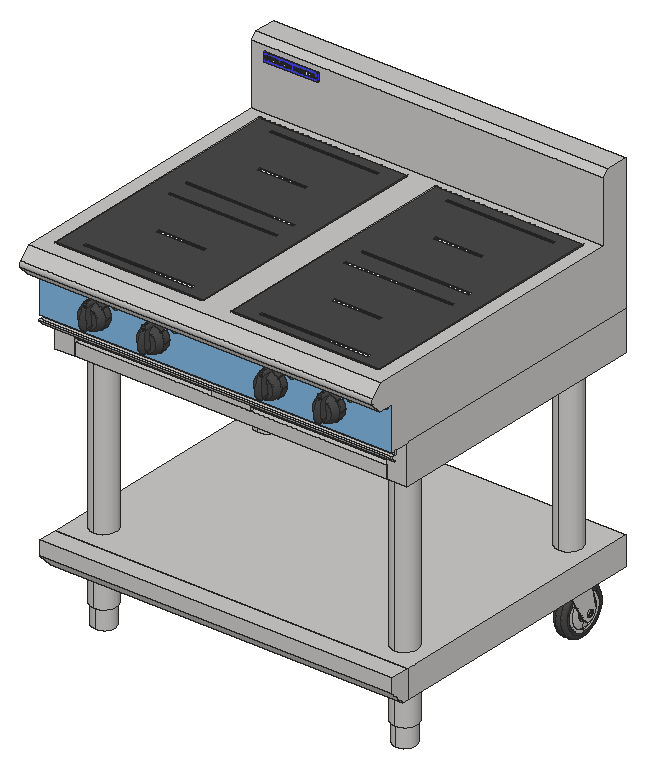
Revit family "QF_Moffat_IN514R3-LS_Induction_Cooktop_cat", category Specialty Equipment, Revit 2019 (continued)
Definition of nested family "QF_LOGO_BLue Seal"
  Automatic sketch dimensions
    Extrusion 2 sketch curve to Extrusion 2 sketch curve = 1.688 mm
    Extrusion 2 sketch curve to plane 7 "Center Y" = 3.94 mm
    plane 7 "Center Y" to Extrusion 2 sketch curve = 0.777 mm
    plane 7 "Center Y" to Extrusion 2 sketch curve = 0.845 mm
    plane 7 "Center Y" to Extrusion 2 sketch curve = 0.988 mm
    Extrusion 2 sketch curve to Extrusion 2 sketch curve = 7.327 mm
    Extrusion 2 sketch curve to Extrusion 2 sketch curve = 4.556 mm
    Extrusion 2 sketch curve to Extrusion 2 sketch curve = 3.087 mm
    Extrusion 2 sketch curve to Extrusion 2 sketch curve = 4.657 mm  (x2)
    Extrusion 2 sketch curve to Extrusion 2 sketch curve = 0.004 mm
    Extrusion 2 sketch curve to Extrusion 2 sketch curve = 0.996 mm
    Extrusion 2 sketch curve to Extrusion 2 sketch curve = 1.402 mm
    Extrusion 2 sketch curve to Extrusion 2 sketch curve = 5.025 mm
    Extrusion 2 sketch curve to Extrusion 2 sketch curve = 4.717 mm
    Extrusion 2 sketch curve to Extrusion 2 sketch curve = 4.785 mm
    Extrusion 2 sketch curve to Extrusion 2 sketch curve = 0.211 mm
    Extrusion 2 sketch curve to Extrusion 2 sketch curve = 2.578 mm
    Extrusion 2 sketch curve to Extrusion 2 sketch curve = 3.936 mm
    Extrusion 2 sketch curve to Extrusion 2 sketch curve = 0.5 mm  (x2)
    Extrusion 2 sketch curve to Extrusion 2 sketch curve = 1.76 mm
    Extrusion 2 sketch curve to Extrusion 2 sketch curve = 2.76 mm
    Extrusion 2 sketch curve to Extrusion 2 sketch curve = 3.875 mm
    Extrusion 2 sketch curve to Extrusion 2 sketch curve = 4.875 mm
    Extrusion 2 sketch curve to Extrusion 2 sketch curve = 1.717 mm
    level to Extrusion 2 sketch curve = 7.169 mm  (x6)
    level to Extrusion 2 sketch curve = 7.227 mm
    Extrusion 2 sketch curve to Extrusion 2 sketch curve = 0.003 mm
    Extrusion 2 sketch curve to Extrusion 2 sketch curve = 0.983 mm  (x2)
    Extrusion 2 sketch curve to Extrusion 2 sketch curve = 1.01 mm  (x2)
    Extrusion 2 sketch curve to Extrusion 2 sketch curve = 1.376 mm
    Extrusion 2 sketch curve to Extrusion 2 sketch curve = 0.588 mm
    Extrusion 2 sketch curve to Extrusion 2 sketch curve = 0.966 mm
    Extrusion 2 sketch curve to Extrusion 2 sketch curve = 2.037 mm  (x2)
    Extrusion 2 sketch curve to Extrusion 2 sketch curve = 0.772 mm  (x2)
    Extrusion 2 sketch curve to Extrusion 2 sketch curve = 1.539 mm
    Extrusion 2 sketch curve to Extrusion 2 sketch curve = 0.961 mm
    Extrusion 2 sketch curve to Extrusion 2 sketch curve = 1.28 mm  (x2)
    Extrusion 2 sketch curve to Extrusion 2 sketch curve = 1.878 mm
    Extrusion 2 sketch curve to Extrusion 2 sketch curve = 2.905 mm
    Extrusion 2 sketch curve to Extrusion 2 sketch curve = 3.969 mm
    Extrusion 2 sketch curve to Extrusion 2 sketch curve = 0.84 mm  (x2)
    Extrusion 2 sketch curve to Extrusion 2 sketch curve = 2.448 mm
    Extrusion 2 sketch curve to Extrusion 2 sketch curve = 2.202 mm
    Extrusion 2 sketch curve to Extrusion 2 sketch curve = 2.222 mm
    Extrusion 2 sketch curve to Extrusion 2 sketch curve = 1.332 mm
    Extrusion 2 sketch curve to Extrusion 2 sketch curve = 1.12 mm  (x2)
    Extrusion 2 sketch curve to Extrusion 2 sketch curve = 0.929 mm
    Extrusion 2 sketch curve to Extrusion 2 sketch curve = 1.051 mm  (x2)
    Extrusion 2 sketch curve to Extrusion 2 sketch curve = 5.129 mm  (x2)
    Extrusion 2 sketch curve to Extrusion 2 sketch curve = 4.147 mm
    Extrusion 2 sketch curve to Extrusion 2 sketch curve = 0.516 mm
    plane 3 "LEFT" to Extrusion 2 sketch curve = 3.555 mm
    plane 3 "LEFT" to Extrusion 3 sketch curve = 8.107 mm
    Extrusion 3 sketch curve to Extrusion 3 sketch curve = 0.182 mm
    level to Extrusion 3 sketch curve = 7.231 mm
    Extrusion 3 sketch curve to Extrusion 3 sketch curve = 3.969 mm
    Extrusion 4 sketch curve to plane 3 "LEFT" = 8.107 mm
    Extrusion 4 sketch curve to Extrusion 4 sketch curve = 0.088 mm
    Extrusion 4 sketch curve to level = 7.227 mm
    Extrusion 4 sketch curve to Extrusion 4 sketch curve = 3.972 mm
Definition of nested family "6 INCHES 02_CASTER"
  Parameters (values of type "6 INCHES 02_CASTER")
    Weight = ""
    URL Manufacturer = ""
    URL Cutsheet = ""
    URL = ""
    Type Mark [instance] = ""
    Specification by User [instance] = ""
    Specification by Manufacturer = ""
    Show Casters [instance] = yes
    Serial Number = ""
    Seismic Rating = ""
    SMACNA No = ""
    Revision Code [instance] = ""
    Omniclass Number and Title = ""
    NAFEM Spec ID Number = ""
    Model = ""
    MasterSpec. = ""
    Manufacturer = ""
    Item Number [instance] = ""
    Installed By [instance] = ""
    Identify Quantity as Lot [instance] = yes
    Furnished By [instance] = ""
    Foodservice Equipment Identifier [instance] = yes
    Description = ""
    CSI MasterFormat = ""
    CSI Master Format = ""
  Reference planes
    plane 1 "BACK": y = 0
    plane 2: z = 0
    plane 3 "LEFT": x = 0
    plane 4 "RIGHT": x = 0
    plane 5 "FRONT": y = 0
    plane 6 "TOP": z = 150
  Forms (mm)
    Revolve 1, solid, visible <- "Show Casters"
      sketch origin (-56.335, 0, -6.35) x (-1, 0, 0) y (0, 0, 1)
        loop
          line (-56.335, 152.4) -> (-56.335, 141.118) -> (-23.798, 141.118) -> (-23.798, 152.4) -> (-56.335, 152.4)
        axis (-56.335, 141.118) -> (-56.335, 152.4)
      angle from 0 to 360
    Extrusion 2, solid, visible <- "Show Casters"
      sketch origin (6.501, 53.083, -4.762) x (0, 1, 0) y (0, 0, 1)
        loop
          line (-85.799, 139.531) -> (-85.799, 133.181) -> (-42.478, 58.614)
          arc (-42.478, 58.614) -> (-16.638, 50.199) -> (-6.442, 75.39) r 19.923
          line (-6.442, 75.39) -> (-20.366, 139.531) -> (-85.799, 139.531)
      from 20.058 to 22.923
    Extrusion 3, solid, visible <- "Show Casters"
      sketch origin (0, 0, 146.05) x (0, 1, 0) y (-1, 0, 0)
        loop
          circle (0, 0) r 19.05
      from 0 to 3.95
    Extrusion 4, solid, visible <- "Show Casters"
      sketch origin (-6.501, 53.083, -4.762) x (0, 1, 0) y (0, 0, -1)
        loop
          line (-85.799, -133.181) -> (-85.799, -139.531) -> (-20.366, -139.531) -> (-6.442, -75.39)
          arc (-6.442, -75.39) -> (-16.638, -50.199) -> (-42.478, -58.614) r 19.923
          line (-42.478, -58.614) -> (-85.799, -133.181)
      from 20.058 to 22.923
    Extrusion 5, solid, visible <- "Show Casters"
      sketch origin (0, -3.253, 19.05) x (0, 1, 0) y (0, 0, 1)
        loop
          line (-29.464, 115.718) -> (-29.464, 109.368) -> (35.969, 109.368) -> (35.969, 115.718) -> (-29.464, 115.718)
      from -26.559 to 26.559
    Revolve 6, solid, visible <- "Show Casters"
      sketch origin (-49.213, 28.39, -3.252) x (1, 0, 0) y (0, 0, 1)
        loop
          line (14.841, 65.192) -> (14.841, 61.686) -> (16.111, 60.416) -> (17.635, 60.416) -> (17.635, 56.97) -> (29.782, 56.97) -> (29.782, 46.925) -> (33.069, 45.027) -> (36.232, 25.477) -> (32.544, 25.477) -> (32.544, 19.127) -> (33.338, 19.127) -> (33.338, 12.777)
          arc (33.338, 12.777) -> (36.127, 6.041) -> (42.863, 3.252) r 9.525
          line (42.863, 3.252) -> (55.563, 3.252)
          arc (55.563, 3.252) -> (62.298, 6.041) -> (65.088, 12.777) r 9.525
          line (65.088, 12.777) -> (65.088, 19.127) -> (65.881, 19.127) -> (65.881, 25.477) -> (62.193, 25.477) -> (65.371, 45.116) -> (68.644, 47.006) -> (68.644, 56.97) -> (80.79, 56.97) -> (80.79, 60.416) -> (82.314, 60.416) -> (83.584, 61.686) -> (83.584, 65.192) -> (14.841, 65.192)
        axis (14.841, 65.192) -> (83.584, 65.192)
      angle from 0 to 360
  Cuts and joins
    joined: Extrusion 2, Extrusion 4, Extrusion 5
  Lines and regions (mm)
    symbolic lines, visible <- "Show Casters"
      curve 1: line (11.652, 51.878, 0) -> (39.148, 36.003, 0)
      curve 2: line (-39.148, -36.11, 0) -> (-20.098, -3.115, 0)
      curve 3: line (-11.652, -51.985, 0) -> (-39.148, -36.11, 0)
      curve 4: line (39.148, 36.003, 0) -> (20.098, 3.007, 0)
      curve 5: line (-7.398, 18.882, 0) -> (11.652, 51.878, 0)
      curve 6: line (7.398, -18.99, 0) -> (-11.652, -51.985, 0)
  Dimensions and locks
    plane 6 "TOP" to level = 150 mm  (x2)
    aligned and locked: level to plane 2
Definition of nested family "Knob"
  Parameters (values of type "Knob")
    Weight in Pounds = 0
    URL Cutsheet = ""
    Specification by User = ""
    Specification by Manufacturer = ""
    Serial Number = ""
    Seismic Rating = ""
    SMACNA No = ""
    Revision Code = ""
    NAFEM Spec ID Number = ""
    Masterspec = ""
    Length = 65 mm
    Item Number = ""
    Installed By = ""
    Identify Quantity as Lot = yes
    Height = 69.5 mm
    Furnished By = ""
    Foodservice Equipment Identifier = yes
    Depth = 59 mm
    CSI MasterFormat = ""
  Reference planes
    plane 1 "BACK": y = 0
    plane 2: z = 0
    plane 3 "LEFT": x = 0
    plane 4 "RIGHT": x = 65
    plane 5 "FRONT": y = -59
    plane 6 "TOP": z = 69.5
    plane 7 "Center Y": x = 32.5
    plane 8 "Center X": y = -29.5
  Forms (mm)
    Revolve 1, solid
      sketch origin (32.5, 175.397, 1219.2) x (0, 1, 0) y (0, 0, 1)
        loop
          line (-175.397, -1186.7) -> (-219.397, -1186.7) -> (-219.397, -1211.501) -> (-202.106, -1219.2) -> (-185.397, -1219.2) -> (-185.397, -1191.7) -> (-175.397, -1191.7) -> (-175.397, -1186.7)
        axis (-219.397, -1186.7) -> (-175.397, -1186.7)
      angle from 0 to 360
    Extrusion 2, solid
      sketch origin (32.5, 175.397, 1219.2) x (0, 1, 0) y (0, 0, 1)
        loop
          line (-202.106, -1154.2) -> (-185.397, -1154.2) -> (-185.397, -1149.7) -> (-224.105, -1149.7)
          arc (-224.105, -1149.7) -> (-233.965, -1178.467) -> (-230.696, -1208.7) r 70
          line (-230.696, -1208.7) -> (-219.397, -1208.7) -> (-219.397, -1161.899) -> (-202.106, -1154.2)
      from -15 to 15
    Extrusion 3, void
      sketch origin (0, 0, 0) x (1, 0, 0) y (0, 0, 1)
        loop
          line (27.501, 64.613) -> (22.02, 20.585)
          arc (22.02, 20.585) -> (32.792, 10.488) -> (42.986, 21.169) r 10.487
          line (42.986, 21.169) -> (37.499, 64.613)
          arc (37.499, 64.613) -> (32.5, 69.5) -> (27.501, 64.613) r 5
        loop
          line (10, 72.977) -> (10, 5.625) -> (55, 5.625) -> (55, 72.977) -> (10, 72.977)
      from 6.142 to 69.687
    Extrusion 4, solid
      sketch origin (0, -34.115, -16.916) x (1, 0, 0) y (0, 0.45399, 0.891007)
        loop
          circle (32.497, 65) r 2
      from 51.525 to 53.075
    Extrusion 5, solid
      sketch origin (32.5, -10, 32.5) x (0, 0, -1) y (-1, 0, 0)
        loop
          line (-23.54, -22.408) -> (-24.106, -22.974)
          arc (-24.106, -22.974) -> (-23.547, -23.547) -> (-22.974, -24.106) r 33.3
          line (-22.974, -24.106) -> (-22.408, -23.54)
          arc (-22.408, -23.54) -> (-22.981, -22.981) -> (-23.54, -22.408) r 32.5
        loop
          arc (-0.8, -33.29) -> (0, -33.3) -> (0.8, -33.29) r 33.3
          line (0.8, -33.29) -> (0.8, -32.49)
          arc (0.8, -32.49) -> (0, -32.5) -> (-0.8, -32.49) r 32.5
          line (-0.8, -32.49) -> (-0.8, -33.29)
        loop
          arc (23.54, -22.408) -> (22.981, -22.981) -> (22.408, -23.54) r 32.5
          line (22.408, -23.54) -> (22.974, -24.106)
          arc (22.974, -24.106) -> (23.547, -23.547) -> (24.106, -22.974) r 33.3
          line (24.106, -22.974) -> (23.54, -22.408)
        loop
          arc (-23.54, 22.408) -> (-22.981, 22.981) -> (-22.408, 23.54) r 32.5
          line (-22.408, 23.54) -> (-22.974, 24.106)
          arc (-22.974, 24.106) -> (-23.547, 23.547) -> (-24.106, 22.974) r 33.3
          line (-24.106, 22.974) -> (-23.54, 22.408)
        loop
          line (-0.8, 33.29) -> (-0.8, 32.49)
          arc (-0.8, 32.49) -> (0, 32.5) -> (0.8, 32.49) r 32.5
          line (0.8, 32.49) -> (0.8, 33.29)
          arc (0.8, 33.29) -> (0, 33.3) -> (-0.8, 33.29) r 33.3
        loop
          line (32.49, -0.8) -> (33.29, -0.8)
          arc (33.29, -0.8) -> (33.3, 0) -> (33.29, 0.8) r 33.3
          line (33.29, 0.8) -> (32.49, 0.8)
          arc (32.49, 0.8) -> (32.5, 0) -> (32.49, -0.8) r 32.5
        loop
          arc (24.106, 22.974) -> (23.547, 23.547) -> (22.974, 24.106) r 33.3
          line (22.974, 24.106) -> (22.408, 23.54)
          arc (22.408, 23.54) -> (22.981, 22.981) -> (23.54, 22.408) r 32.5
          line (23.54, 22.408) -> (24.106, 22.974)
      from 0 to -16.709
  Cuts and joins
    Extrusion 3 cuts Extrusion 2
  Dimensions and locks
    equal spacing: plane 3 "LEFT", plane 7 "Center Y", plane 4 "RIGHT"
    "Length": plane 3 "LEFT" to plane 4 "RIGHT"
    equal spacing: plane 5 "FRONT", plane 8 "Center X", plane 1 "BACK"
    "Depth": plane 5 "FRONT" to plane 1 "BACK"
    "Height": plane 6 "TOP" to level
    plane 4 "RIGHT" to plane 3 "LEFT" = 65 mm
    aligned and locked: level to plane 2
  Automatic sketch dimensions
    Revolve 1 sketch curve to level = 0 mm
    Revolve 1 sketch curve to plane 1 "BACK" = 0 mm  (x2)
    plane 1 "BACK" to Revolve 1 sketch curve = 10 mm
    plane 8 "Center X" to Revolve 1 sketch curve = 2.791 mm
    Revolve 1 sketch curve to plane 8 "Center X" = 14.5 mm
    level to Revolve 1 sketch curve = 7.699 mm
    level to Revolve 1 sketch curve = 27.5 mm
    Revolve 1 sketch curve to Revolve 1 sketch curve = 5 mm
    Revolve 1 sketch curve to Revolve 1 sketch curve = 35 mm
    Revolve 1 sketch curve to Revolve 1 sketch curve = 0 mm
    Extrusion 2 sketch curve to plane 6 "TOP" = 0 mm
    Extrusion 2 sketch curve to plane 5 "FRONT" = 3.702 mm
    Extrusion 2 sketch curve to plane 5 "FRONT" = 10.293 mm
    Extrusion 2 sketch curve to Extrusion 2 sketch curve = 11.298 mm
    plane 8 "Center X" to Extrusion 2 sketch curve = 2.791 mm
    plane 1 "BACK" to Extrusion 2 sketch curve = 10 mm
    Extrusion 2 sketch curve to plane 1 "BACK" = 11 mm
    Extrusion 2 sketch curve to plane 6 "TOP" = 4.5 mm
    Extrusion 2 sketch curve to plane 6 "TOP" = 12.199 mm
    level to Extrusion 2 sketch curve = 32.962 mm
    level to Extrusion 3 sketch curve = 5.625 mm
    Extrusion 3 sketch curve to plane 7 "Center Y" = 0 mm  (x2)
    Extrusion 3 sketch curve to plane 7 "Center Y" = 4.999 mm
    Extrusion 3 sketch curve to plane 7 "Center Y" = 10.48 mm
    plane 6 "TOP" to Extrusion 3 sketch curve = 3.477 mm
    plane 3 "LEFT" to Extrusion 3 sketch curve = 10 mm
    Extrusion 3 sketch curve to plane 6 "TOP" = 4.887 mm
    Extrusion 3 sketch curve to Extrusion 3 sketch curve = 4.999 mm
    plane 7 "Center Y" to Extrusion 3 sketch curve = 10.486 mm
    level to Extrusion 3 sketch curve = 20.585 mm
    Extrusion 3 sketch curve to Extrusion 3 sketch curve = 0.387 mm
    Extrusion 3 sketch curve to Extrusion 3 sketch curve = 0.113 mm
    plane 4 "RIGHT" to Extrusion 3 sketch curve = 10 mm
    Extrusion 5 sketch curve to Revolve 1 = 32.49 mm
    Revolve 1 to Extrusion 5 sketch curve = 32.49 mm
    Extrusion 5 sketch curve to Revolve 1 = 23.54 mm  (x2)
    Revolve 1 to Extrusion 5 sketch curve = 23.54 mm  (x2)
    Extrusion 5 sketch curve to Revolve 1 = 24.106 mm  (x2)
    Revolve 1 to Extrusion 5 sketch curve = 24.106 mm  (x2)
    Revolve 1 to Extrusion 5 sketch curve = 22.408 mm  (x2)
    Extrusion 5 sketch curve to Revolve 1 = 22.408 mm  (x2)
    Revolve 1 to Extrusion 5 sketch curve = 22.974 mm  (x2)
    Extrusion 5 sketch curve to Revolve 1 = 22.974 mm  (x2)
    Extrusion 5 sketch curve to Extrusion 5 sketch curve = 1.6 mm  (x2)
    Revolve 1 to Extrusion 5 sketch curve = 0.8 mm
    Extrusion 5 sketch curve to Revolve 1 = 0.8 mm
    Extrusion 4 sketch curve to plane 7 "Center Y" = 0.003 mm
    radius of Extrusion 5 sketch curve to Revolve 1 = 0 mm  (x7)
    radius of Revolve 1 to Extrusion 5 sketch curve = 0.8 mm  (x7)
    radius of Extrusion 4 sketch curve = 2 mm
Types (2, lengths in mm): name | Watts | Volts | Cycle | Apparent Power
  IN514R3-LS_415/60/3 | 8300 W | 415 V | 60 Hz | 14359 VA
  IN514R3-LS_400/50/3 | 8000 W | 400 V | 50 Hz | 13840 VA
